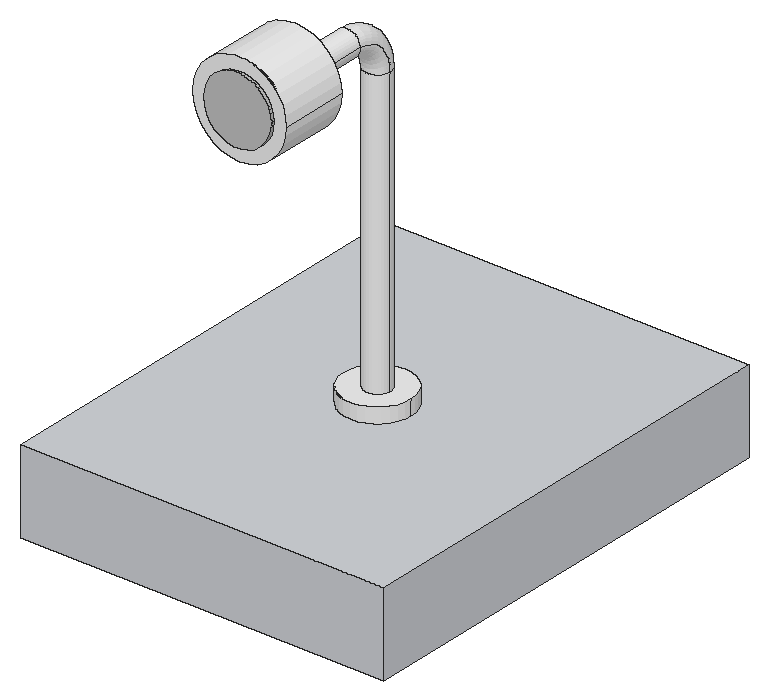
Revit family "Deca_Chuveiro com Tubo de Parede_Balance_1963.C.CT", category Plumbing Fixtures, host Face, Revit 2012
Parameters (values of type "1363.C.CT")
  Vendido Separadamente = "Não Aplicável"  # constant formula
  URL = "www.deca.com.br"
  Segmento = "Médio"  # constant formula
  Raio Ponto de Agua = 7.5 mm  # constant formula
  Produto = "Chuveiro tubo parede Balance 5 Jatos"  # constant formula
  Pressão = "10 a 40 mca"  # constant formula
  Peso Liquido (Kg) = 0.655
  Norma = "NBR 15206"  # constant formula
  Model = Código  # "1963.C.CT"
  Material = "Metal"  # constant formula
  Manufacturer = Fabricante  # "Deca"
  Louça/Metais = "Metais"  # constant formula
  Linha = "Balance"  # constant formula
  Informações Complementares = "Tubo parede"  # constant formula
  HWFU = 0
  Flow Pressure = 0.00 psi
  Fabricante = "Deca"  # constant formula
  Diâmetro Ponto de Agua = Raio Ponto de Agua * 2  # 15 mm
  Detalhes = Deca CZ87 Cinza real Plástico
  Descrição = "Chuveiro"  # constant formula
  Description = Descrição  # "Chuveiro"
  Default Elevation = 2100 mm
  Código = "1963.C.CT"  # constant formula
  Criador por = "Contino/quattroD"  # constant formula
  Consumo = "Jato linear (7 l/min) , nebulizador (3,7 l/min)"  # constant formula
  Chuveiro = Deca CR10 Cromado Metal
  Atendimento ao Cliente = "0800-011-7073 "  # constant formula
  Assembly Code = ""
  Aprovado por = "Contino/quattroD"  # constant formula
  Acompanha o Produto = "Não Aplicável"  # constant formula
Reference planes
  plane 1 "Center (Front/Back)": y = 0
  plane 2: z = 0
  plane 3 "Center (Left/Right)": x = 0
  plane 4 "Front 2": z = 270
  plane 5 "Left 2": x = -37.5
  plane 6 "Right 2": x = 37.5
  plane 7 "Top 1": y = 27
  plane 8 "Bottom 2": y = -137
  plane 9 "Left 1": x = -27
  plane 10 "Right 1": x = 27
  plane 11 "Front 3": z = 307.5
  plane 12: z = 12
  plane 13 "Bottom 1": y = -27
  plane 14 "Front 1": z = 232.5
Forms (mm)
  Extrusion 1, solid
    sketch origin (0, 0, 0) x (1, 0, 0) y (0, 1, 0)
      loop
        line (-140, 182.101) -> (-140, -181.067) -> (150.191, -181.067) -> (150.191, 182.101) -> (-140, 182.101)
    from 0 to -66.453
  Extrusion 2, solid, material "Deca CR10 Cromado Metal" <- "Chuveiro"
    sketch origin (1511.881, -2099.815, 0) x (1, 0, 0) y (0, 1, 0)
      loop
        circle (-1511.881, 2099.815) r 27
    from 0 to 12
  Sweep 3, solid, material "Deca CR10 Cromado Metal" <- "Chuveiro"
    path origin (-0.096, -2100, -76.2) x (0, 0, 1) y (0, 1, 0)
      loop
        line (86.7, 2100) -> (316.2, 2100)
        arc (316.2, 2100) -> (337.413, 2091.213) -> (346.2, 2070) r 30
        line (346.2, 2070) -> (346.2, 2018.325)
    profile origin (-0.096, 0, 125.25) x (0, 1, 0) y (-1, 0, 0)
      loop
        circle (0, 0) r 10.325
  Extrusion 4, solid, material "Deca CR10 Cromado Metal" <- "Chuveiro"
    sketch origin (-12.119, -2100.899, -76.2) x (-1, 0, 0) y (0, 0, 1)
      loop
        circle (-12.119, 346.2) r 37.5
    from 1963.899 to 2018.325
  Extrusion 5, solid, material "Deca CZ87 Cinza real Plástico" <- "Detalhes"
    sketch origin (0.04, 0, 0.175) x (1, 0, 0) y (0, 0, 1)
      loop
        circle (0, 270) r 27
    from 137 to 139.427
Lines and regions (mm)
  Masking region 1
    outline origin (300, 0, 0) x (1, 0, 0) y (0, 1, 0)
      loop
        arc (-308.679, -146.199) -> (-307.256, -145.781) -> (-306.269, -144.674) r 2.7
        arc (-306.269, -144.674) -> (-300.055, -145.056) -> (-293.874, -144.315) r 34.507
        arc (-293.874, -144.315) -> (-292.925, -145.656) -> (-291.374, -146.198) r 2.7
        line (-291.374, -146.198) -> (-290.052, -146.198)
        arc (-290.052, -146.198) -> (-288.279, -145.391) -> (-287.454, -143.626) r 2.817
        line (-287.454, -143.626) -> (-284.734, -143.205)
        arc (-284.734, -143.205) -> (-284.068, -145.294) -> (-282.071, -146.2) r 2.7
        line (-282.071, -146.2) -> (-280.929, -146.2)
        arc (-280.929, -146.2) -> (-279.042, -145.41) -> (-278.25, -143.525) r 2.7
        line (-278.25, -143.525) -> (-278.25, -141.885)
        arc (-278.25, -141.885) -> (-274.843, -141.007) -> (-271.469, -140.008) r 98.783
        line (-271.469, -140.008) -> (-271.55, -139) -> (-270.254, -139) -> (-270.254, -138) -> (-267.246, -137) -> (-262.5, -137) -> (-262.5, -124.257)
        arc (-262.5, -124.257) -> (-262.702, -123.866) -> (-262.5, -123.474) r 0.48
        line (-262.5, -123.474) -> (-262.5, -83.074)
        arc (-262.5, -83.074) -> (-262.647, -82.721) -> (-263, -82.574) r 0.5
        line (-263, -82.574) -> (-281.05, -82.574)
        arc (-281.05, -82.574) -> (-281.404, -82.428) -> (-281.55, -82.074) r 0.5
        line (-281.55, -82.074) -> (-281.55, -78.074)
        arc (-281.55, -78.074) -> (-281.696, -77.721) -> (-282.05, -77.574) r 0.5
        line (-282.05, -77.574) -> (-285.9, -77.574) -> (-285.9, -76.174) -> (-283.8, -76.174) -> (-283.8, -64.874) -> (-284.7, -64.874) -> (-284.7, -61.174) -> (-289.807, -61.174) -> (-291, -59.633) -> (-291, -57.624) -> (-289.7, -56.324) -> (-289.7, -51.574) -> (-288.55, -51.574) -> (-288.55, -42.574) -> (-289.675, -42.574) -> (-289.675, -24.948)
        arc (-289.675, -24.948) -> (-300, 27) -> (-310.325, -24.948) r 27
        line (-310.325, -24.948) -> (-310.325, -42.574) -> (-311.45, -42.574) -> (-311.45, -51.574) -> (-310.3, -51.574) -> (-310.3, -56.324) -> (-309, -57.624) -> (-309, -59.63) -> (-310.193, -61.174) -> (-315.3, -61.174) -> (-315.3, -64.874) -> (-316.2, -64.874) -> (-316.2, -76.174) -> (-314.1, -76.174) -> (-314.1, -77.574) -> (-317.95, -77.574)
        arc (-317.95, -77.574) -> (-318.304, -77.721) -> (-318.45, -78.074) r 0.5
        line (-318.45, -78.074) -> (-318.45, -82.074)
        arc (-318.45, -82.074) -> (-318.596, -82.428) -> (-318.95, -82.574) r 0.5
        line (-318.95, -82.574) -> (-337, -82.574)
        arc (-337, -82.574) -> (-337.354, -82.721) -> (-337.5, -83.074) r 0.5
        line (-337.5, -83.074) -> (-337.5, -123.474)
        arc (-337.5, -123.474) -> (-337.299, -123.866) -> (-337.5, -124.257) r 0.48
        line (-337.5, -124.257) -> (-337.5, -137) -> (-332.75, -137) -> (-329.724, -138.009) -> (-329.724, -139.002) -> (-328.45, -139.002) -> (-328.481, -140.024)
        arc (-328.481, -140.024) -> (-325.132, -141.014) -> (-321.75, -141.885) r 98.783
        line (-321.75, -141.885) -> (-321.75, -143.53)
        arc (-321.75, -143.53) -> (-320.956, -145.412) -> (-319.071, -146.2) r 2.7
        line (-319.071, -146.2) -> (-317.929, -146.2)
        arc (-317.929, -146.2) -> (-315.932, -145.294) -> (-315.266, -143.205) r 2.7
        arc (-315.266, -143.205) -> (-313.883, -143.429) -> (-312.497, -143.633) r 98.783
        arc (-312.497, -143.633) -> (-311.669, -145.448) -> (-309.821, -146.199) r 2.7
      loop
        line (-309.7, -146.2) -> (-308.744, -146.2)
  Masking region 2
    outline origin (-300, 0, 0) x (1, 0, 0) y (0, 0, 1)
      loop
        line (273, 0) -> (327, 0) -> (327, 10.5)
        arc (327, 10.5) -> (326.561, 11.561) -> (325.5, 12) r 1.5
        line (325.5, 12) -> (310.269, 12) -> (310.269, 233.933)
        arc (310.269, 233.933) -> (329.927, 247.404) -> (337.5, 270) r 37.5
        arc (337.5, 270) -> (300, 307.5) -> (262.5, 270) r 37.5
        arc (262.5, 270) -> (265.201, 256.024) -> (272.917, 244.062) r 37.5
        line (272.917, 244.062) -> (266.957, 238.103)
        arc (266.957, 238.103) -> (266.957, 236.688) -> (268.371, 236.688) r 1
        line (268.371, 236.688) -> (274.338, 242.655)
        arc (274.338, 242.655) -> (281.462, 237.402) -> (289.619, 233.966) r 37.5
        line (289.619, 233.966) -> (289.619, 12) -> (274.5, 12)
        arc (274.5, 12) -> (273.439, 11.561) -> (273, 10.5) r 1.5
        line (273, 10.5) -> (273, 0)
  Masking region 3
    outline origin (0, 350, 0) x (0, 1, 0) y (0, 0, 1)
      loop
        line (-323, 0) -> (-323, 10.5)
        arc (-323, 10.5) -> (-323.439, 11.561) -> (-324.5, 12) r 1.5
        line (-324.5, 12) -> (-339.675, 12) -> (-339.675, 243.946)
        arc (-339.675, 243.946) -> (-350.33, 269.67) -> (-376.054, 280.325) r 36.379
        line (-376.054, 280.325) -> (-391.775, 280.325) -> (-391.775, 281.45) -> (-404.375, 281.45) -> (-406.825, 279) -> (-408.834, 279) -> (-410.375, 280.193) -> (-410.375, 286.2) -> (-425.375, 286.2) -> (-425.375, 284.1) -> (-426.775, 284.1) -> (-426.775, 287.95)
        arc (-426.775, 287.95) -> (-426.921, 288.304) -> (-427.275, 288.45) r 0.5
        line (-427.275, 288.45) -> (-431.275, 288.45)
        arc (-431.275, 288.45) -> (-431.629, 288.596) -> (-431.775, 288.95) r 0.5
        line (-431.775, 288.95) -> (-431.775, 307)
        arc (-431.775, 307) -> (-431.921, 307.354) -> (-432.275, 307.5) r 0.5
        line (-432.275, 307.5) -> (-472.661, 307.5)
        arc (-472.661, 307.5) -> (-473.068, 307.2) -> (-473.475, 307.5) r 0.426
        line (-473.475, 307.5) -> (-487, 307.5) -> (-487, 302.604) -> (-488, 299.596) -> (-489, 299.596) -> (-489, 298.419) -> (-490.061, 298.419)
        arc (-490.061, 298.419) -> (-491.342, 293.796) -> (-492.422, 289.122) r 110.735
        line (-492.422, 289.122) -> (-493.499, 289.122)
        arc (-493.499, 289.122) -> (-495.408, 288.331) -> (-496.199, 286.422) r 2.7
        line (-496.199, 286.422) -> (-496.199, 285.322)
        arc (-496.199, 285.322) -> (-495.408, 283.413) -> (-493.499, 282.622) r 2.7
        arc (-493.499, 282.622) -> (-494.468, 277.689) -> (-494.939, 272.685) r 50.174
        arc (-494.939, 272.685) -> (-495.864, 271.705) -> (-496.2, 270.4) r 2.7
        line (-496.2, 270.4) -> (-496.2, 269.3)
        arc (-496.2, 269.3) -> (-495.733, 267.783) -> (-494.495, 266.79) r 2.7
        arc (-494.495, 266.79) -> (-494.165, 261.923) -> (-493.595, 257.077) r 98.783
        arc (-493.595, 257.077) -> (-495.443, 256.255) -> (-496.201, 254.379) r 2.7
        line (-496.201, 254.379) -> (-496.201, 253.279)
        arc (-496.201, 253.279) -> (-495.41, 251.37) -> (-493.501, 250.579) r 2.7
        line (-493.501, 250.579) -> (-492.444, 250.579)
        arc (-492.444, 250.579) -> (-491.35, 245.96) -> (-490.035, 241.4) r 98.783
        line (-490.035, 241.4) -> (-489.002, 241.4) -> (-489.002, 240.1) -> (-488, 240.1) -> (-487, 237.1) -> (-487, 232.5) -> (-473.475, 232.5)
        arc (-473.475, 232.5) -> (-473.068, 232.8) -> (-472.661, 232.5) r 0.426
        line (-472.661, 232.5) -> (-432.275, 232.5)
        arc (-432.275, 232.5) -> (-431.921, 232.646) -> (-431.775, 233) r 0.5
        line (-431.775, 233) -> (-431.775, 251.05)
        arc (-431.775, 251.05) -> (-431.629, 251.404) -> (-431.275, 251.55) r 0.5
        line (-431.275, 251.55) -> (-427.275, 251.55)
        arc (-427.275, 251.55) -> (-426.921, 251.696) -> (-426.775, 252.05) r 0.5
        line (-426.775, 252.05) -> (-426.775, 255.9) -> (-425.375, 255.9) -> (-425.375, 253.8) -> (-410.375, 253.8) -> (-410.375, 259.807) -> (-408.825, 261) -> (-406.825, 261) -> (-404.375, 258.55) -> (-391.775, 258.55) -> (-391.775, 259.675) -> (-376.723, 259.675)
        arc (-376.723, 259.675) -> (-365.128, 254.872) -> (-360.325, 243.277) r 16.398
        line (-360.325, 243.277) -> (-360.325, 12) -> (-375.5, 12)
        arc (-375.5, 12) -> (-376.561, 11.561) -> (-377, 10.5) r 1.5
        line (-377, 10.5) -> (-377, 0) -> (-323, 0)
  symbolic lines
    curve 1: line (11.45, -42.574, 0) -> (-11.45, -42.574, 0)
    curve 2: line (-9, -57.624, 0) -> (9, -57.624, 0)
    curve 3: line (9, -59.624, 0) -> (-8.996, -59.624, 0)
    curve 4: line (-10.3, -55.174, 0) -> (10.3, -55.174, 0)
    curve 5: line (-12.261, -61.174, 0) -> (-12.261, -64.874, 0)
    curve 6: line (-12.261, -64.874, 0) -> (-3.039, -64.874, 0)
    curve 7: line (-3.039, -64.874, 0) -> (-3.039, -61.174, 0)
    curve 8: line (3.039, -61.174, 0) -> (3.039, -64.874, 0)
    curve 9: line (3.039, -64.874, 0) -> (12.261, -64.874, 0)
    curve 10: line (12.261, -64.874, 0) -> (12.261, -61.174, 0)
    curve 11: line (18.45, -78.074, 0) -> (-18.45, -78.074, 0)
    curve 12: line (-14.1, -77.574, 0) -> (14.1, -77.574, 0)
    curve 13: line (14.1, -76.174, 0) -> (-14.1, -76.174, 0)
    curve 14: line (-18.45, -82.074, 0) -> (18.45, -82.074, 0)
    curve 15: line (-18.95, -82.574, 0) -> (18.95, -82.574, 0)
    curve 16: line (37.65, -83.074, 0) -> (-37.65, -83.074, 0)
    curve 17: line (-37.5, -123.474, 0) -> (37.5, -123.474, 0)
    curve 18: line (37.5, -124.257, 0) -> (-37.5, -124.257, 0)
    curve 19: line (-32.75, -137, 0) -> (32.754, -137, 0)
    curve 20: line (-29.724, -138.009, 0) -> (29.746, -138, 0)
    curve 21: line (28.531, -140.008, 0) -> (-28.481, -140.024, 0)
    curve 22: line (-21.75, -143.53, 0) -> (-15.25, -143.53, 0)
    curve 23: line (-12.497, -143.633, 0) -> (-5.971, -143.633, 0)
    curve 24: arc (10.325, -24.006, 0) -> (0, 24.601, 0) -> (-10.325, -24.006, 0) r 25.4
    curve 25: line (-10.193, -61.174, 0) -> (10.193, -61.174, 0)
    curve 26: line (-21.75, -141.885, 0) -> (-15.266, -143.205, 0)
    curve 27: arc (-12.497, -142.213, 0) -> (-9.195, -142.016, 0) -> (-6, -142.875, 0) r 10.306
    curve 28: line (-12.497, -143.633, 0) -> (-12.497, -142.213, 0)
    curve 29: arc (-6, -142.875, 0) -> (-5.992, -143.796, 0) -> (-6.275, -144.673, 0) r 2.876
    curve 30: line (10.229, 0, 12) -> (-10.421, 0, 12)
    curve 31: arc (-10.381, 0, 253.785) -> (-0.056, 0, 288.625) -> (10.269, 0, 253.785) r 18.95
    curve 32: arc (-10.381, 0, 254.992) -> (-0.056, 0, 287.625) -> (10.269, 0, 254.992) r 17.95
    curve 33: arc (-10.381, 0, 264.726) -> (-0.056, 0, 281.125) -> (10.269, 0, 264.726) r 11.45
    curve 34: arc (-10.381, 0, 257.192) -> (-0.056, 0, 285.875) -> (10.269, 0, 257.192) r 16.2
    curve 35: line (2.982, 0, 285.587) -> (12.205, 0, 280.263)
    curve 36: line (-12.318, 0, 280.263) -> (-3.095, 0, 285.587)
    curve 37: line (-15.356, 0, 264.351) -> (-15.356, 0, 274.999)
    curve 38: line (-10.381, 0, 257.969) -> (-12.318, 0, 259.087)
    curve 39: line (12.205, 0, 259.087) -> (10.269, 0, 257.969)
    curve 40: line (15.244, 0, 274.999) -> (15.244, 0, 264.351)
    curve 41: line (-28.185, 0, 243) -> (-26.771, 0, 241.586)
    curve 42: arc (-31.669, 0, 236.688) -> (-32.509, 0, 237.262) -> (-33.083, 0, 238.103) r 2.751
    curve 43: arc (10.269, 0, 234.974) -> (0.058, 0, 306.5) -> (-10.381, 0, 235.007) r 36.5
    curve 44: line (0, -123.475, 307.5) -> (0, -123.475, 232.5)
    curve 45: line (0, -122.661, 232.5) -> (0, -122.661, 307.5)
    curve 46: line (0, -82.275, 307.5) -> (0, -82.275, 232.5)
    curve 47: line (0, -81.775, 251.05) -> (0, -81.775, 288.95)
    curve 48: line (0, -81.275, 251.55) -> (0, -81.275, 288.45)
    curve 49: line (0, -77.275, 288.45) -> (0, -77.275, 251.55)
    curve 50: line (0, -76.775, 255.9) -> (0, -76.775, 284.1)
    curve 51: line (0, -75.375, 255.9) -> (0, -75.375, 284.1)
    curve 52: line (0, -64.075, 285.912) -> (0, -64.075, 280.588)
    curve 53: line (0, -64.075, 280.588) -> (0, -60.375, 280.588)
    curve 54: line (0, -60.375, 275.324) -> (0, -64.075, 275.324)
    curve 55: line (0, -60.375, 285.912) -> (0, -64.075, 285.912)
    curve 56: line (0, -64.075, 275.324) -> (0, -64.075, 264.676)
    curve 57: line (0, -64.075, 264.676) -> (0, -60.375, 264.676)
    curve 58: line (0, -60.375, 259.412) -> (0, -64.075, 259.412)
    curve 59: line (0, -64.075, 254.088) -> (0, -60.375, 254.088)
    curve 60: line (0, -64.075, 259.412) -> (0, -64.075, 254.088)
    curve 61: line (0, -54.375, 264.999) -> (0, -50.775, 264.999)
    curve 62: line (0, -50.775, 264.999) -> (0, -50.775, 275.001)
    curve 63: line (0, -50.775, 275.001) -> (0, -54.375, 275.001)
    curve 64: line (0, -41.775, 280.325) -> (0, -41.775, 259.675)
    curve 65: line (0, -54.375, 275.001) -> (0, -54.375, 281.45)
    curve 66: line (0, -56.825, 279) -> (0, -56.825, 261)
    curve 67: line (0, -58.825, 261) -> (0, -58.825, 279)
    curve 68: arc (0, -54.375, 275.001) -> (0, -55.525, 270) -> (0, -54.375, 264.999) r 11.452
    curve 69: line (0, -143.501, 250.579) -> (0, -143.501, 257.079)
    curve 70: line (0, -143.5, 266.6) -> (0, -143.5, 273.1)
    curve 71: arc (0, -141.974, 250.579) -> (0, -142.178, 253.878) -> (0, -143.11, 257.05) r 14.792
    curve 72: arc (0, -142.545, 273.1) -> (0, -141.846, 269.85) -> (0, -142.545, 266.6) r 7.905
    curve 73: line (0, -135.575, 238.278) -> (0, -135.575, 244.085)
    curve 74: line (0, -135.575, 238.278) -> (0, -125.851, 238.278)
    curve 75: line (0, -125.851, 236.571) -> (0, -136.552, 236.571)
    curve 76: arc (0, -124.911, 237.23) -> (0, -125.277, 236.752) -> (0, -125.851, 236.571) r 1
    curve 77: line (0, -123.475, 241.189) -> (0, -124.911, 237.23)
    curve 78: line (0, -123.745, 244.085) -> (0, -135.575, 244.085)
    curve 79: line (0, -123.745, 244.085) -> (0, -125.851, 238.278)
    curve 80: line (0, -60.375, 280.193) -> (0, -60.375, 259.807)
    curve 81: line (0, -137, 302.604) -> (0, -137, 237.1)
    curve 82: line (0, -140.035, 298.419) -> (0, -140.035, 241.4)
    curve 83: line (0, -139, 241.4) -> (0, -139, 298.419)
    curve 84: line (0, -138, 299.596) -> (0, -138, 240.1)
    curve 85: line (0, -142.545, 273.1) -> (0, -143.482, 273.1)
    curve 86: line (0, -142.545, 266.6) -> (0, -143.5, 266.6)
    curve 87: arc (0, -143.482, 273.1) -> (0, -144.24, 272.997) -> (0, -144.939, 272.685) r 2.7
    curve 88: arc (0, -144.495, 266.79) -> (0, -144.006, 266.648) -> (0, -143.5, 266.6) r 2.7
    curve 89: line (0, -141.974, 250.579) -> (0, -143.501, 250.579)
    curve 90: arc (0, -143.11, 257.05) -> (0, -143.352, 257.075) -> (0, -143.595, 257.077) r 2.7
    curve 91: line (0, -143.501, 289.129) -> (0, -143.501, 282.629)
    curve 92: arc (0, -141.974, 289.119) -> (0, -142.179, 285.824) -> (0, -143.11, 282.657) r 14.792
    curve 93: line (0, -141.974, 289.119) -> (0, -142.797, 289.119)
    curve 94: arc (0, -143.11, 282.657) -> (0, -143.352, 282.633) -> (0, -143.595, 282.63) r 2.7
    curve 95: line (0, -10.325, 12) -> (0, 10.325, 12)
    curve 96: line (0, -27, 10.5) -> (0, 27, 10.5)
    curve 97: line (-28.45, -139.002, 0) -> (28.45, -139, 0)
    curve 98: line (-10.325, -25.887, 0) -> (-10.325, 0, 0)
    curve 99: line (10.325, -25.807, 0) -> (10.325, 0, 0)
    curve 100: arc (-10.325, 0, 0) -> (0, 10.325, 0) -> (10.325, 0, 0) r 10.325
    curve 101: line (-10.381, 0, 233.966) -> (-10.381, 0, 270)
    curve 102: line (10.269, 0, 233.933) -> (10.269, 0, 270)
    curve 103: arc (-10.381, 0, 270) -> (-0.056, 0, 280.325) -> (10.269, 0, 270) r 10.325
    curve 104: line (10.229, 0, 12) -> (-10.421, 0, 12)
    curve 105: line (0, -54.375, 264.999) -> (0, -54.375, 258.55)
    curve 106: line (-27.083, 0, 244.062) -> (-25.661, 0, 242.641)
    curve 107: arc (0, -137, 237.1) -> (0, -136.824, 236.795) -> (0, -136.552, 236.571) r 1
    curve 108: line (21.75, -143.53, 0) -> (15.25, -143.53, 0)
    curve 109: line (12.497, -143.633, 0) -> (5.971, -143.633, 0)
    curve 110: line (21.75, -141.885, 0) -> (15.266, -143.205, 0)
    curve 111: arc (12.497, -142.213, 0) -> (9.195, -142.016, 0) -> (6, -142.875, 0) r 10.306
    curve 112: line (12.497, -143.633, 0) -> (12.497, -142.213, 0)
    curve 113: arc (6, -142.875, 0) -> (5.992, -143.796, 0) -> (6.275, -144.673, 0) r 2.876
Dimensions and locks
  plane 5 "Left 2" to plane 6 "Right 2" = 75 mm  (x2)
  plane 8 "Bottom 2" to plane 1 "Center (Front/Back)" = 137 mm  (x2)
  plane 9 "Left 1" to plane 10 "Right 1" = 54 mm  (x2)
  plane 4 "Front 2" to Extrusion 1 = 270 mm  (x2)
  plane 11 "Front 3" to Extrusion 1 = 307.5 mm
  Extrusion 1 to plane 11 "Front 3" = 307.5 mm
  plane 11 "Front 3" to plane 4 "Front 2" = 37.5 mm  (x2)
  plane 1 "Center (Front/Back)" to plane 7 "Top 1" = 27 mm
  plane 13 "Bottom 1" to plane 7 "Top 1" = 54 mm
  plane 14 "Front 1" to plane 11 "Front 3" = 75 mm
  aligned and locked: Extrusion 1 to plane 2
  aligned and locked: level to Extrusion 1
Connectors
  piping at (0, 0, 0), driven by "Raio Ponto de Agua", driven by "Flow Pressure", driven by "HWFU"
    settings: on Extrusion 2, index 1, connector radius 0.29528", flow factor 0, pipe flow 0 GPM, pressure drop 0.00 psi, fitting loss kfactor 0, connector angle 0.00°, fixture units 0, engagement length 0 mm, flow configuration 3, flow direction 1, fitting loss method 4, system type 29, joint type 0, gender type 0, connector reference index -1, connector utility 0, adjustable connector no, is connector primary yes, fitting loss table "", connector description ""
